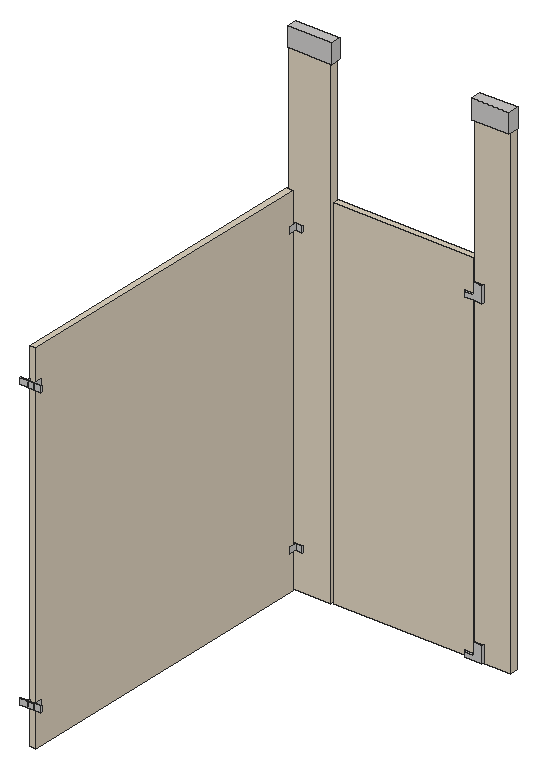
Revit family "Toilet-Partition_AmericanSanitary_Ceiling-Stile", category Specialty Equipment, host Wall, Revit 2026
Family settings
  Host = Wall
  Round Connector Dimension = Use Diameter
  Part Type = Normal
  Classification Number = 23.25.40.14.14.11
  Enable Cutting in Views = No
  Always vertical = Yes
  Cut with Voids When Loaded = No
  Maintain Annotation Orientation = No
  Shared = No
  Room Calculation Point = No
Parameters (values of type "As Specified in 10 21 00")
  topoffset = 0' - 0 1/4"
  strkhdwr [instance] = not(or((End Panel_Strike Side), (Terminates at Wall_Strike Side)))  # no
  hngpnlconstrain [instance] = if((Terminates at Wall_Hinge Side), (Front Panel Width_Hinge Side - Reveal Clearance), (if((End Panel_Hinge Side), (Front Panel Width_Hinge Side + Panel Thickness + 0' 0 1/8"), (Front Panel Width_Hinge Side))))  # 0' - 6"
  hngpnl2 [instance] = if((Terminates at Wall_Strike Side), (Panel Thickness - Reveal Clearance - 0' 0 1/8"), (if((End Panel_Strike Side), (Panel Thickness + 0' 0 1/8"), (Panel Thickness))))  # 0' - 1 1/8"
  capoffset = 0' - 0"
  Warranty Duration (Years) = 0
  URL = "http://www.am-sanitary-partition.com/"
  Type Comments = "Toilet Partition"
  Terminates at Wall_Strike Side [instance] = no
  Terminates at Wall_Hinge Side [instance] = no
  Stile Thickness = 0' - 1 1/4"
  Stall Width = 3' - 0"
  Stall Depth [instance] = 4' - 8"
  Panel Thickness = 0' - 1"
  Outswing [instance] = not(Inswing)  # no
  Inswing [instance] = yes
  Green Building-LEED = "http://www.arcat.com/green/clients/leed_data_30440.html"
  End Panel_Strike Side [instance] = not(Terminates at Wall_Strike Side)  # yes
  Strike Side Hardware Type = Mounting Hardware : Flush
  Front Panel Width_Strike Side = 0' - 6"
  Specification = "http://www.arcat.com/specwizard/clients/amerisan.html?coid=30440"
  SpecWizard = "http://www.arcat.com/specwizard/10150asp/index.htm?mf=&coid=30440"
  Send Message = "http://admin.arcat.com/users.pl?action=UserEmail&company=American%20Sanitary%20Partition%20Corp.&coid=30440&rep=145&fax=407-656-8189&mf="
  Sales Information = "http://www.am-sanitary-partition.com/"
  Revision = "R1_10/2009"
  Reveal Clearance = 0' - 0 1/2"
  Product Properties = "http://www.arcat.com/bim/bim_info.pl?fn=Toilet-Partition_AmericanSanitary_Ceiling-Stile"
  Product Data = "http://www.arcat.com/arcatcos/cos30/arc30440.html"
  Panel Material [instance] = Phenolic Core - Color as Specified
  Model = "As Specified in 10 21 00"
  Manufacturer's Notes = ""
  Manufacturer Website = "http://www.am-sanitary-partition.com/"
  Manufacturer Phone = "407-656-0611"
  Manufacturer Fax = "407-656-8189"
  Manufacturer Address = "300 Enterprise St.; P. O. Box 99; Ocoee; FL 34761"
  Manufacturer = "American Sanitary Partition Corp."
  Maintenance Schedule (Months) = 0
  Keynote = "10 21 00"
  Installation-Fabrication = "http://www.arcat.com/clients/amersan.pdf"
  Installation Phase = ""
  End Panel_Hinge Side [instance] = no
  Hinge Side Hardware Type = Mounting Hardware : Angle
  Front Panel Width_Hinge Side = Stall Width - Door Width - Front Panel Width_Strike Side  # 0' - 6"
  Hardware Finish [instance] = Stainless Steel - Type 304 #4 Brushed Finish
  Expected Lifespan (Years) = 0
  Drawn By = "Robert S. Weygant, CSI, CDT, SCIP"  # constant formula
  Door Width = 2' - 0"
  Door Thickness = 0' - 1"
  Door Height = 5' - 0"
  Distance from Floor to Panel = 1' - 0"
  Default Elevation = 0' - 0"
  Copyright = "2009, ARCAT, Inc."  # constant formula
  Description = "Toilet Partition as Specified in 10 21 00"
  Construction Details = "http://www.arcat.com/details/amerisan/amerisan.html?coid=30440"
  Ceiling Height [instance] = 8' - 0"
  Brackets_Vertical = 2
  Assembly Code = "C1010400"
Reference planes (in)
  plane 1: y = 26.56271
  plane 2 "Center (Left/Right)": x = 26.6528
  plane 3 "Left": x = 44.6528
  plane 4: x = 8.6528
  plane 5: y = 83.81271
  plane 6 "Back": y = 29.06271
  plane 7 "Right": x = 7.6528
  plane 8 "Front": y = 85.06271
  plane 9 "Bottom of panel": z = 12
  plane 10 "Top of panel": z = 72
  plane 11: x = 14.6528
  plane 12: x = 38.6528
  plane 13 "Top": z = 96
  plane 14 "Bottom Bracket": z = 18
  plane 15 "Top Bracket": z = 66
  plane 16 "Top Hinge": z = 68.75
  plane 17: y = 83.31271
  plane 18: y = 29.56271
  plane 19: z = 0
  plane 20: x = 7.5278
  plane 21: y = 88.62521
Forms (in)
  Extrusion 1, solid, material "Phenolic Core - Color as Specified" <- "Panel Material"
    sketch origin (0, 0, 0) x (1, 0, 0) y (0, 1, 0)
      loop
        line (7.5278, 85.06271) -> (7.5278, 83.81271) -> (14.6528, 83.81271) -> (14.6528, 85.06271) -> (7.5278, 85.06271)
    from 12 to 96
  Extrusion 2, solid, material "Stainless Steel - Type 304 #4 Brushed Finish" <- "Hardware Finish", detail levels medium+fine
    sketch origin (0, 85.06271, 0) x (-1, 0, 0) y (0, 0, 1)
      loop
        line (-13.1528, 39.97704) -> (-13.1528, 42.02296) -> (-15.6528, 42.02296) -> (-15.6528, 39.97704) -> (-13.1528, 39.97704)
    from 0 to 0.25
  Extrusion 3, solid, material "Phenolic Core - Color as Specified" <- "Panel Material"
    sketch origin (0, 0, 0) x (1, 0, 0) y (0, 1, 0)
      loop
        line (38.6528, 85.06271) -> (38.6528, 83.81271) -> (44.6528, 83.81271) -> (44.6528, 85.06271) -> (38.6528, 85.06271)
    from 12 to 96
  Extrusion 4, solid, material "Phenolic Core - Color as Specified" <- "Panel Material", visible <- "End Panel_Hinge Side"
    sketch origin (0, 0, 0) x (1, 0, 0) y (0, 1, 0)
      loop
        line (44.6528, 29.56271) -> (45.6528, 29.56271) -> (45.6528, 83.31271) -> (44.6528, 83.31271) -> (44.6528, 29.56271)
    from 12 to 72
  Extrusion 5, solid, material "Phenolic Core - Color as Specified" <- "Panel Material", visible <- "End Panel_Strike Side"
    sketch origin (0, 0, 0) x (1, 0, 0) y (0, 1, 0)
      loop
        line (7.6528, 29.56271) -> (8.6528, 29.56271) -> (8.6528, 83.31271) -> (7.6528, 83.31271) -> (7.6528, 29.56271)
    from 12 to 72
  Extrusion 6, solid, material "Stainless Steel - Type 304 #4 Brushed Finish" <- "Hardware Finish", detail levels fine
    sketch origin (0, 85.06271, 0) x (-1, 0, 0) y (0, 0, 1)
      loop
        line (-38.6528, 68.75) -> (-40.1528, 68.75) -> (-40.1528, 66) -> (-38.6528, 66) -> (-37.1528, 66) -> (-37.1528, 66.75) -> (-38.6528, 66.75) -> (-38.6528, 68.75)
    from -1.49944 to 0.25
  Extrusion 7, solid, material "Stainless Steel - Type 304 #4 Brushed Finish" <- "Hardware Finish", detail levels fine
    sketch origin (0, 85.06271, -52) x (-1, 0, 0) y (0, 0, 1)
      loop
        line (-38.6528, 66.75) -> (-40.1528, 66.75) -> (-40.1528, 64) -> (-37.1528, 64) -> (-37.1528, 64.75) -> (-38.6528, 64.75) -> (-38.6528, 66.75)
    from -1.49944 to 0.25
  Extrusion 8, solid, material "Phenolic Core - Color as Specified" <- "Panel Material"
    sketch origin (0, 85.06271, 0) x (-1, 0, 0) y (0, 0, 1)
      loop
        line (-36.9028, 12) -> (-14.9028, 12) -> (-14.9028, 72) -> (-38.4028, 72) -> (-38.4028, 66.75) -> (-36.9028, 66.75) -> (-36.9028, 65.9223) -> (-38.4028, 65.9223) -> (-38.4028, 12.75) -> (-36.9028, 12.75) -> (-36.9028, 12)
    from -1 to 0
  Extrusion 9, solid, material "Stainless Steel - Type 304 #4 Brushed Finish" <- "Hardware Finish", detail levels fine
    sketch origin (0, 85.06271, 78) x (-1, 0, 0) y (0, 0, 1)
      loop
        line (-14.9028, 15) -> (-7.5278, 15) -> (-7.5278, 18.25) -> (-14.9028, 18.25) -> (-14.9028, 15)
    from -1.49768 to 0.24505
  Extrusion 10, solid, material "Stainless Steel - Type 304 #4 Brushed Finish" <- "Hardware Finish", detail levels fine
    sketch origin (0, 85.06271, 79) x (-1, 0, 0) y (0, 0, 1)
      loop
        line (-44.6528, 14) -> (-38.4028, 14) -> (-38.4028, 17.25) -> (-44.6528, 17.25) -> (-44.6528, 14)
    from -1.49944 to 0.25923
Lines and regions (in)
  symbolic lines
    curve 1: line (38.6528, 0, 72) -> (14.6528, 0, 42)
    curve 2: line (14.6528, 0, 42) -> (38.6528, 0, 12)
    curve 3: line (8.6528, 29.06271, 0) -> (7.6528, 29.06271, 0)
  symbolic lines, visible <- "Inswing"
    curve 4: line (38.6528, 83.81271, 0) -> (38.6528, 59.81271, 0)
    curve 5: line (38.6528, 59.81271, 0) -> (37.6528, 59.81271, 0)
    curve 6: line (37.6528, 59.81271, 0) -> (37.6528, 83.81271, 0)
    curve 7: line (37.6528, 83.81271, 0) -> (38.6528, 83.81271, 0)
  symbolic lines, style "Toilet Accessories-Dashed", visible <- "Inswing"
    curve 8: arc (14.6528, 83.81271, 0) -> (21.68224, 66.84214, 0) -> (38.6528, 59.81271, 0) r 24
  symbolic lines, visible <- "Outswing"
    curve 9: line (38.6528, 85.06271, 0) -> (38.6528, 109.06271, 0)
    curve 10: line (38.6528, 109.06271, 0) -> (37.6528, 109.06271, 0)
    curve 11: line (37.6528, 109.06271, 0) -> (37.6528, 85.06271, 0)
    curve 12: line (37.6528, 85.06271, 0) -> (38.6528, 85.06271, 0)
  symbolic lines, style "Toilet Accessories-Dashed", visible <- "Outswing"
    curve 13: arc (14.6528, 85.06271, 0) -> (21.68224, 102.03327, 0) -> (38.6528, 109.06271, 0) r 24
Text (in)
  text "Placement Side" at (0, 40.15149, 123.01588), in view "Right"
  text "Placement Side" at (-71.13158, 43.3951, 0), in view "Floor Line"
  text "Placement Side" at (0, 65.23256, 117.93067), in view "Left"
Dimensions and locks (in)
  "Stall Width": plane 4 to plane 3 "Left"
  "Door Height": plane 9 "Bottom of panel" to plane 10 "Top of panel"
  "Distance from Floor to Panel": host wall to plane 9 "Bottom of panel"
  equal spacing: plane 9 "Bottom of panel", curve 2, plane 10 "Top of panel"
  "Ceiling Height": level to plane 13 "Top"
  "Panel Thickness": plane 7 "Right" to plane 4
  "Panel Thickness": plane 3 "Left" to Extrusion 4 sketch curve
  locked: Extrusion 6 sketch curve to plane 12 at 1.5  (x2)
  locked: plane 9 "Bottom of panel" to Extrusion 7 sketch curve at 2.75
  locked: Extrusion 7 sketch curve to plane 12 at 1.5
  locked: plane 12 to Extrusion 7 sketch curve at 1.5
  locked: plane 12 to Extrusion 8 sketch curve at 0.25
  locked: plane 11 to Extrusion 8 sketch curve at 0.25
  locked: Extrusion 2 sketch curve to plane 11 at 1.5
  "Front Panel Width_Hinge Side": plane 12 to plane 3 "Left"
  "Door Width": plane 11 to plane 12
  locked: Extrusion 9 sketch curve to plane 11 at 0.25
  locked: Extrusion 9 sketch curve to plane 13 "Top" at 3
  Extrusion 10 sketch curve to plane 13 "Top" = 0' - 3"
  locked: Extrusion 10 sketch curve to plane 12 at 0.25
  equal spacing: plane 4, plane 2 "Center (Left/Right)", plane 3 "Left"
  locked: Extrusion 9 to plane 8 "Front" at 0.24505
  locked: Extrusion 9 to plane 5 at 0.24768
  "Door Thickness": curve 6 to plane 12
  group 1 to group 2 = 0' - 0"
  group 2 to group 1 = 0' - 0"
  group 1 to group 2 = 4' - 0"
  locked: plane 15 "Top Bracket" to plane 16 "Top Hinge" at 2.75
  locked: plane 15 "Top Bracket" to plane 10 "Top of panel" at 6
  locked: plane 9 "Bottom of panel" to plane 14 "Bottom Bracket" at 6
  "Reveal Clearance": plane 17 to plane 5
  "Reveal Clearance": plane 18 to plane 6 "Back"
  group 3 to group 4 = 0' - 0"  (x2)
  group 3 to group 4 = 4' - 0"
  "topoffset": plane 13 "Top" to Extrusion 10 sketch curve
  "topoffset": plane 13 "Top" to Extrusion 9 sketch curve
  Extrusion 10 to Extrusion 3 = 0' - 0.25923"
  Extrusion 10 to Extrusion 3 = 0' - 0.24944"
  locked: Extrusion 10 to Extrusion 3 at 0.25
  "Stile Thickness": plane 8 "Front" to plane 5
  "capoffset": Extrusion 3 to Extrusion 10
  "hngpnlconstrain": Extrusion 3 sketch curve to Extrusion 3 sketch curve
  "capoffset": Extrusion 9 to Extrusion 1
  group 5 to group 6 = 0' - 0"  (x2)
  group 5 to group 6 = 4' - 0"
  group 7 to group 8 = 0' - 0"  (x2)
  group 7 to group 8 = 4' - 0"
  group 9 to group 10 = 0' - 0"
  group 10 to group 9 = 0' - 0"
  group 9 to group 10 = 4' - 0"
  Extrusion 4 to Extrusion 10 sketch curve = 0' - 1"
  "hngpnl2": plane 20 to plane 4
  group 11 to group 12 = 0' - 0"  (x2)
  group 11 to group 12 = 4' - 0"
  "Stall Depth": plane 8 "Front" to plane 6 "Back"
  group 13 to group 14 = 0' - 0"  (x2)
  group 13 to group 14 = 4' - 0"
  "Door Thickness": Extrusion 8 to Extrusion 8
  "Door Thickness": curve 11 to curve 9
  "Stile Thickness": Extrusion 3 sketch curve to Extrusion 3 sketch curve
  aligned and locked: Extrusion 1 sketch curve to plane 8 "Front"
  aligned and locked: Extrusion 1 sketch curve to plane 5
  aligned and locked: Extrusion 1 sketch curve to plane 11
  aligned and locked: plane 13 "Top" to Extrusion 1
  aligned and locked: Extrusion 2 to plane 8 "Front"
  aligned and locked: plane 12 to Extrusion 3 sketch curve
  aligned and locked: plane 3 "Left" to Extrusion 4 sketch curve
  aligned and locked: plane 9 "Bottom of panel" to Extrusion 4
  aligned and locked: Extrusion 5 to plane 10 "Top of panel"
  aligned and locked: plane 9 "Bottom of panel" to Extrusion 5
  aligned and locked: plane 16 "Top Hinge" to Extrusion 6 sketch curve
  aligned and locked: plane 15 "Top Bracket" to Extrusion 6 sketch curve
  aligned and locked: Extrusion 6 sketch curve to plane 12
  aligned and locked: plane 9 "Bottom of panel" to Extrusion 7 sketch curve
  aligned and locked: Extrusion 7 sketch curve to plane 12
  aligned and locked: Extrusion 7 to Extrusion 8 sketch curve
  aligned and locked: plane 10 "Top of panel" to Extrusion 8 sketch curve
  aligned and locked: curve 4 to plane 12
  aligned and locked: plane 9 "Bottom of panel" to Extrusion 3
  aligned and locked: plane 9 "Bottom of panel" to Extrusion 1
  aligned and locked: plane 8 "Front" to Extrusion 8
  aligned and locked: plane 7 "Right" to nested 1
  aligned and locked: nested 1 to plane 5  (x4)
  aligned and locked: plane 14 "Bottom Bracket" to nested 1
  aligned and locked: plane 15 "Top Bracket" to nested 2
  aligned and locked: plane 7 "Right" to nested 2
  aligned and locked: plane 5 to nested 1
  aligned and locked: plane 17 to Extrusion 5 sketch curve
  aligned and locked: Extrusion 5 sketch curve to plane 18
  aligned and locked: plane 18 to Extrusion 4 sketch curve
  aligned and locked: plane 17 to Extrusion 4 sketch curve
  aligned and locked: nested 3 to plane 5  (x2)
  aligned and locked: nested 3 to plane 3 "Left"
  aligned and locked: nested 3 to plane 14 "Bottom Bracket"
  aligned and locked: nested 4 to plane 15 "Top Bracket"
  aligned and locked: plane 5 to nested 3
  aligned and locked: plane 3 "Left" to nested 3
  aligned and locked: Extrusion 4 to plane 10 "Top of panel"
  aligned and locked: nested 5 to plane 4  (x3)
  aligned and locked: plane 6 "Back" to nested 5
  aligned and locked: nested 6 to plane 3 "Left"
  aligned and locked: nested 6 to plane 6 "Back"  (x3)
  aligned and locked: nested 6 to plane 14 "Bottom Bracket"
  aligned and locked: plane 14 "Bottom Bracket" to nested 5
  aligned and locked: plane 6 "Back" to nested 6  (x2)
  aligned and locked: nested 7 to plane 15 "Top Bracket"
  aligned and locked: nested 7 to plane 3 "Left"
  aligned and locked: nested 5 to plane 6 "Back"  (x4)
  aligned and locked: nested 8 to plane 3 "Left"
  aligned and locked: nested 8 to plane 8 "Front"  (x3)
  aligned and locked: plane 14 "Bottom Bracket" to nested 8
  aligned and locked: plane 15 "Top Bracket" to nested 9
  aligned and locked: nested 9 to plane 3 "Left"
  aligned and locked: plane 3 "Left" to nested 8
  aligned and locked: plane 7 "Right" to nested 5  (x2)
  aligned and locked: nested 7 to plane 6 "Back"
  aligned and locked: plane 6 "Back" to nested 7
  aligned and locked: plane 15 "Top Bracket" to nested 10
  aligned and locked: nested 10 to plane 4
  aligned and locked: plane 19 to level
  aligned and locked: Extrusion 1 to plane 20
  aligned and locked: plane 8 "Front" to nested 11  (x2)
  aligned and locked: nested 11 to plane 7 "Right"
  aligned and locked: nested 11 to plane 14 "Bottom Bracket"
  aligned and locked: nested 12 to plane 15 "Top Bracket"
  aligned and locked: nested 12 to plane 7 "Right"
  aligned and locked: nested 11 to plane 8 "Front"
  aligned and locked: plane 6 "Back" to host wall
  aligned and locked: plane 5 to nested 13
  aligned and locked: nested 13 to plane 5  (x2)
  aligned and locked: plane 14 "Bottom Bracket" to nested 13  (x2)
  aligned and locked: nested 13 to plane 14 "Bottom Bracket"
  aligned and locked: plane 7 "Right" to nested 13
  aligned and locked: plane 15 "Top Bracket" to nested 14  (x2)
  aligned and locked: nested 14 to plane 15 "Top Bracket"
  aligned and locked: plane 7 "Right" to nested 14
  aligned and locked: plane 5 to nested 14
  aligned and locked: nested 4 to plane 3 "Left"
  aligned and locked: nested 4 to plane 5
  aligned and locked: curve 12 to plane 8 "Front"
  aligned and locked: plane 12 to curve 9
  aligned and locked: plane 8 "Front" to nested 12
  aligned and locked: nested 9 to plane 8 "Front"
  aligned and locked: plane 5 to nested 2
  aligned and locked: plane 6 "Back" to nested 10
  aligned and locked: Extrusion 6 to Extrusion 10
  aligned and locked: plane 8 "Front" to Extrusion 3
Automatic sketch dimensions
  plane 11 to Extrusion 2 sketch curve = 0' - 1"
  plane 14 "Bottom Bracket" to Extrusion 2 sketch curve = 1' - 9.97704"
  Extrusion 2 sketch curve to Extrusion 2 sketch curve = 0' - 2.04593"
  curve 3 to host wall = 0' - 0"
  curve 3 to plane 7 "Right" = 0' - 0"
  curve 3 to plane 4 = 0' - 0"
  curve 1 to plane 10 "Top of panel" = 0' - 0"
  curve 2 to plane 9 "Bottom of panel" = 0' - 0"
  curve 1 to plane 11 = 0' - 0"
  curve 2 to plane 12 = 0' - 0"
  curve 1 to plane 12 = 0' - 0"
  Extrusion 1 sketch curve to plane 20 = 0' - 0"
  Extrusion 5 sketch curve to plane 7 "Right" = 0' - 0"
  Extrusion 5 sketch curve to plane 4 = 0' - 0"
  Extrusion 6 sketch curve to plane 12 = 0' - 0"
  plane 15 "Top Bracket" to Extrusion 6 sketch curve = 0' - 0 3/4"
  Extrusion 7 sketch curve to plane 9 "Bottom of panel" = 0' - 0 3/4"
  Extrusion 8 sketch curve to plane 12 = 0' - 0 1/4"
  Extrusion 8 sketch curve to plane 9 "Bottom of panel" = 0' - 0 3/4"
  Extrusion 8 sketch curve to Extrusion 8 sketch curve = 0' - 1 1/2"  (x2)
  Extrusion 8 sketch curve to plane 15 "Top Bracket" = 0' - 0.0777"
  plane 15 "Top Bracket" to Extrusion 8 sketch curve = 0' - 0 3/4"
  curve 13 to plane 8 "Front" = 0' - 0"
  curve 13 to plane 11 = 0' - 0"
  curve 8 to plane 5 = 0' - 0"
  curve 8 to plane 11 = 0' - 0"
  curve 6 to plane 5 = 0' - 0"
  Extrusion 9 sketch curve to plane 20 = 0' - 0"
  Extrusion 3 sketch curve to plane 8 "Front" = 0' - 1 1/4"
Nested families (in)
  nested 1: "Mounting Hardware" at (7.6528, 83.81271, 18), type <- "Strike Side Hardware Type", visible <- "strkhdwr", type "Flush"
    with panel thickness 0' - 1"
  nested 2: "Mounting Hardware" at (7.6528, 83.81271, 66), type <- "Strike Side Hardware Type", visible <- "strkhdwr", type "Flush"
    with panel thickness 0' - 1"
  nested 3: "Mounting Hardware" at (45.6528, 83.81271, 18) x (-1, 0, 0) z (0, 0, 1), type <- "Hinge Side Hardware Type", visible <- "End Panel_Hinge Side", type "Angle"
    with panel thickness 0' - 1", Surfmnt no
  nested 4: "Mounting Hardware" at (45.6528, 83.81271, 66) x (-1, 0, 0) z (0, 0, 1), type <- "Hinge Side Hardware Type", visible <- "End Panel_Hinge Side", type "Angle"
    with panel thickness 0' - 1", Surfmnt no
  nested 5: "Mounting Hardware" at (8.6528, 29.06271, 18) x (-1, 0, 0) z (0, 0, 1), visible <- "End Panel_Strike Side", type "Flush"
    with panel thickness 0' - 1"
  nested 6: "Mounting Hardware" at (44.6528, 29.06271, 18), visible <- "End Panel_Hinge Side", type "Flush"
    with panel thickness 0' - 1"
  nested 7: "Mounting Hardware" at (44.6528, 29.06271, 66), visible <- "End Panel_Hinge Side", type "Flush"
    with panel thickness 0' - 1"
  nested 8: "Mounting Hardware" at (44.6528, 85.06271, 18) x (0, -1, 0) z (0, 0, 1), visible <- "Terminates at Wall_Hinge Side", type "Angle"
    with panel thickness 0' - 1", Surfmnt no
  nested 9: "Mounting Hardware" at (44.6528, 85.06271, 66) x (0, -1, 0) z (0, 0, 1), visible <- "Terminates at Wall_Hinge Side", type "Angle"
    with panel thickness 0' - 1", Surfmnt no
  nested 10: "Mounting Hardware" at (8.6528, 29.06271, 66) x (-1, 0, 0) z (0, 0, 1), visible <- "End Panel_Strike Side", type "Flush"
    with panel thickness 0' - 1"
  nested 11: "Mounting Hardware" at (7.6528, 85.06271, 18) x (0, -1, 0) z (0, 0, 1), visible <- "Terminates at Wall_Strike Side", type "Angle"
    with panel thickness 0' - 1", Surfmnt no
  nested 12: "Mounting Hardware" at (7.6528, 85.06271, 66) x (0, -1, 0) z (0, 0, 1), visible <- "Terminates at Wall_Strike Side", type "Angle"
    with panel thickness 0' - 1", Surfmnt no
  nested 13: "Mounting Hardware" at (7.6528, 83.81271, 18), visible <- "End Panel_Strike Side", type "Angle"
    with panel thickness 0' - 1", Surfmnt no
  nested 14: "Mounting Hardware" at (7.6528, 83.81271, 66), visible <- "End Panel_Strike Side", type "Angle"
    with panel thickness 0' - 1", Surfmnt no
Definition of nested family "Mounting Hardware"
  Parameters
    panel thickness = 0' - 0 1/2"
    hdwr matl = none
    Surfmnt = yes
    Hdwr Height = 0' - 1"
    Default Elevation = 0' - 0"
    Assembly Code = ""
  Reference planes (in)
    plane 1 "Center (Front/Back)": y = 0
    plane 2 "bottom": z = 0
    plane 3 "Center (Left/Right)": x = 0
    plane 4: y = -1.37133
    plane 5 "top": z = 1
    plane 6: y = -0.12324
  Forms (in)
    Extrusion 1, solid, material <- "hdwr matl"
      sketch origin (0, 0, 0) x (1, 0, 0) y (0, 1, 0)
        loop
          line (0, -1.37133) -> (0, -0.125) -> (0.5, -0.125) -> (0.5, -1.37133) -> (0.625, -1.37133) -> (0.625, -0.12324) -> (2.25, -0.12324) -> (2.25, 0) -> (-0.125, 0) -> (-0.125, -1.37133) -> (0, -1.37133)
      from 0 to 1
    Extrusion 2, solid, material <- "hdwr matl", visible <- "Surfmnt"
      sketch origin (0, 0, 0) x (1, 0, 0) y (0, 1, 0)
        loop
          line (0, 0) -> (-1.25, 0) -> (-1.25, -0.125) -> (0, -0.125) -> (0, 0)
      from 0 to 1
  Dimensions and locks (in)
    "panel thickness": Extrusion 1 sketch curve to Extrusion 1 sketch curve
    locked: Extrusion 1 sketch curve to Extrusion 1 sketch curve at 0.125  (x2)
    locked: plane 4 to plane 1 "Center (Front/Back)" at 1.37133
    locked: Extrusion 1 sketch curve to Extrusion 1 sketch curve at 2.375
    locked: Extrusion 2 sketch curve to Extrusion 2 sketch curve at 0.125
    locked: Extrusion 2 sketch curve to Extrusion 2 sketch curve at 1.25
    "Hdwr Height": plane 5 "top" to plane 2 "bottom"
    locked: plane 6 to plane 1 "Center (Front/Back)" at 0.12324
    "panel thickness": Extrusion 1 to Extrusion 1
    aligned and locked: plane 3 "Center (Left/Right)" to Extrusion 1 sketch curve
    aligned and locked: Extrusion 1 sketch curve to plane 1 "Center (Front/Back)"
    aligned and locked: Extrusion 1 sketch curve to plane 4  (x2)
    aligned and locked: Extrusion 2 sketch curve to plane 1 "Center (Front/Back)"
    aligned and locked: plane 3 "Center (Left/Right)" to Extrusion 2 sketch curve
    aligned and locked: plane 5 "top" to Extrusion 1
    aligned and locked: plane 5 "top" to Extrusion 2
    aligned and locked: Extrusion 1 to plane 2 "bottom"
    aligned and locked: Extrusion 2 to plane 2 "bottom"
  Automatic sketch dimensions
    plane 1 "Center (Front/Back)" to Extrusion 1 sketch curve = 0' - 0.12324"
    plane 1 "Center (Front/Back)" to Extrusion 1 sketch curve = 0' - 0 1/8"
